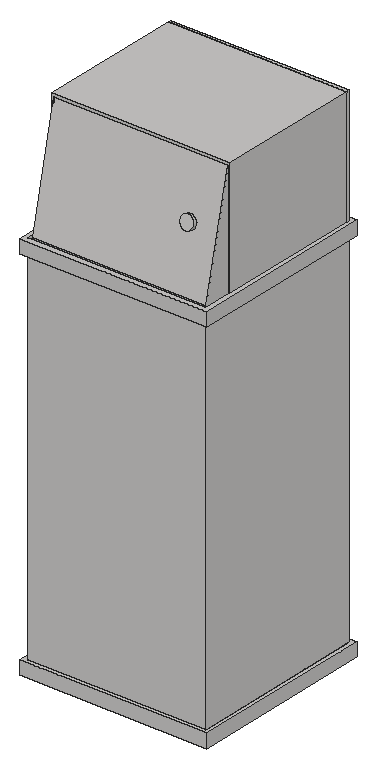
Revit family
Parameters
  offset [instance] = 0' - 0"
  Warranty Duration (Years) = 0
  Unit Width = 1' - 1"
  Unit Height = 3' - 1"
  Unit Depth = 1' - 1"
  URL = "http://www.americanspecialties.com/viewCategories.cfm"
  Trim Material = Metal - Stainless Steel
  Specification = "http://www.arcat.com/sdspecs/htm/10810asi.htm"
  SpecWizard = ""
  Send Message = "http://www.arcat.com/users.pl?action=UserEmail&company=American%20Specialties,%20Inc.&coid=30448&rep=139&fax=914-476-0688&mf="
  Sales Information = "http://www.americanspecialties.com/contact"
  Revision = "R1_10-2010"
  Product Properties = "http://www.americanspecialties.com/datasheets/0812-0813.pdf"
  Product Data = "http://www.arcat.com/arcatcos/cos30/arc30448.html"
  Model = "As Specified in 10 28 13"
  Manufacturer Website = "http://www.americanspecialties.com/viewCategories.cfm"
  Manufacturer Phone - Toll Free = ""
  Manufacturer Phone = "914-476-9000 "
  Manufacturer Fax = "914-476-0688"
  Manufacturer Address = "441 Saw Mill River Rd., Yonkers, NY 10701"
  Manufacturer = "American Specialties, Inc."
  Maintenance Schedule (Months) = 0
  Keynote = "10 28 13"
  Installation-Fabrication = "http://www.americanspecialties.com/products.cfm"
  Installation Phase = ""
  Green Building-LEED = "http://www.arcat.com/green/clients/leed_data_30448.html"
  Expected Lifespan (Years) = 0
  Drawn By = "Robert S. Weygant, CSI, CDT, SCIP"
  Description = "Toilet Accessory as Specified in 10 28 13"
  Default Elevation = 4' - 0"
  Copyright = "©Arcat Inc."
  Construction Details = "http://www.americanspecialties.com/products.cfm"
  Body Material = Metal - Stainless Steel
  Assembly Code = "C1030210"
Reference planes (in)
  plane 1 "Center (Front/Back)": y = 0
  plane 2 "Bottom": z = 0
  plane 3 "Center (Left/Right)": x = 0
Forms (in)
  Extrusion 1, solid, material "Metal - Stainless Steel" <- "Body Material"
    sketch origin (0, 0, 0) x (1, 0, 0) y (0, 1, 0)
      loop
        line (-6.5, 6.5) -> (-6.5, -6.5) -> (6.5, -6.5) -> (6.5, 6.5) -> (-6.5, 6.5)
      loop
        line (-6.3125, 6.3125) -> (-6.3125, -6.3125) -> (6.3125, -6.3125) -> (6.3125, 6.3125) -> (-6.3125, 6.3125)
    from 1 to 27.5
  Extrusion 2, solid, material "Metal - Stainless Steel" <- "Body Material"
    sketch origin (0, 0, 0) x (1, 0, 0) y (0, 1, 0)
      loop
        line (-6.5, 6.5) -> (-6.5, -6.5) -> (6.5, -6.5) -> (6.5, 6.5) -> (-6.5, 6.5)
      loop
        line (-6.80078, 6.80078) -> (-6.80078, -6.80078) -> (6.80078, -6.80078) -> (6.80078, 6.80078) -> (-6.80078, 6.80078)
    from 0 to 1
  Extrusion 3, solid, material "Metal - Stainless Steel" <- "Body Material"
    sketch origin (0, 0, 21) x (1, 0, 0) y (0, 1, 0)
      loop
        line (-6.5, 6.5) -> (-6.5, -6.5) -> (6.5, -6.5) -> (6.5, 6.5) -> (-6.5, 6.5)
      loop
        line (-6.80078, 6.80078) -> (-6.80078, -6.80078) -> (6.80078, -6.80078) -> (6.80078, 6.80078) -> (-6.80078, 6.80078)
    from 6.5 to 7.5
  Extrusion 4, solid, material "Metal - Stainless Steel" <- "Body Material"
    sketch origin (0, 0, 0) x (1, 0, 0) y (0, 1, 0)
      loop
        line (-6.5, 6.5) -> (-6.5, -6.5) -> (6.5, -6.5) -> (6.5, 6.5) -> (-6.5, 6.5)
    from 0 to 1
  Extrusion 5, solid, material "Metal - Stainless Steel" <- "Body Material"
    sketch origin (0, 0, -9.5) x (1, 0, 0) y (0, 0, 1)
      loop
        line (-6.5, 37) -> (-6.3125, 37) -> (-6.3125, 46.3125) -> (6.3125, 46.3125) -> (6.3125, 38) -> (6.5, 38) -> (6.5, 46.5) -> (-6.5, 46.5) -> (-6.5, 37)
    from -6.3125 to 4.3125
  Extrusion 6, solid, material "Metal - Stainless Steel" <- "Body Material"
    sketch origin (0, 0, 0) x (1, 0, 0) y (0, 0, 1)
      loop
        line (-6.5, 37) -> (-6.5, 27.5) -> (6.5, 27.5) -> (6.5, 37) -> (-6.5, 37)
    from -6.5 to -6.3125
  Extrusion 7, solid, material "Metal - Stainless Steel" <- "Body Material"
    sketch origin (0, -5.3125, 0) x (0, 1, 0) y (0, 0, 1)
      loop
        line (1, 27.5) -> (1, 36.8125) -> (-1, 28.5) -> (-1, 27.5) -> (1, 27.5)
    from -6.3125 to 6.3125
  Extrusion 8, solid, material "Metal - Stainless Steel" <- "Trim Material"
    sketch origin (0, -6.3125, 28.5) x (0, 0.233926, 0.972254) y (-1, 0, 0)
      loop
        circle (4.44083, -4.29534) r 0.5
    from 0 to 0.23116
Dimensions and locks (in)
  equal spacing: Extrusion 1, plane 1 "Center (Front/Back)", Extrusion 1
  "Unit Depth": Extrusion 1 to Extrusion 1
  equal spacing: Extrusion 3, plane 3 "Center (Left/Right)", Extrusion 3
  "Unit Width": Extrusion 3 to Extrusion 3
  locked: Extrusion 2 to Extrusion 2 at 1
  locked: Extrusion 3 to Extrusion 3 at 1
  "Unit Height": Extrusion 5 to Extrusion 2
  locked: Extrusion 5 to Extrusion 3 at 8.5
  locked: Extrusion 6 to Extrusion 7 at 0.1875  (x2)
  locked: Extrusion 6 to Extrusion 6 at 0.1875
  locked: Extrusion 5 to Extrusion 5 at 0.1875  (x2)
  locked: Extrusion 1 sketch curve to Extrusion 3 at 0.1875
  locked: Extrusion 1 to Extrusion 1 at 0.1875
  locked: Extrusion 7 to Extrusion 7 at 2
  locked: Extrusion 8 sketch curve to Extrusion 3 at 4.31761
  locked: Extrusion 8 sketch curve to plane 3 "Center (Left/Right)" at 4.29534
  aligned and locked: Extrusion 2 sketch curve to Extrusion 1  (x3)
  aligned and locked: Extrusion 1 to Extrusion 2 sketch curve
  aligned and locked: Extrusion 1 to Extrusion 3  (x2)
  aligned and locked: Extrusion 1 to Extrusion 2
  aligned and locked: Extrusion 4 sketch curve to Extrusion 1  (x3)
  aligned and locked: Extrusion 1 to Extrusion 4 sketch curve
  aligned and locked: Extrusion 4 to Extrusion 1  (x2)
  aligned and locked: Extrusion 2 to Extrusion 4
  aligned and locked: Extrusion 3 to Extrusion 1  (x2)
  aligned and locked: Extrusion 1 to Extrusion 4
  aligned and locked: Extrusion 2 to Extrusion 3  (x2)
  aligned and locked: Extrusion 3 to Extrusion 4  (x2)
  aligned and locked: Extrusion 5 to Extrusion 6 sketch curve
  aligned and locked: Extrusion 1 to Extrusion 6 sketch curve
  aligned and locked: Extrusion 6 sketch curve to Extrusion 1
  aligned and locked: Extrusion 5 to Extrusion 1  (x3)
  aligned and locked: Extrusion 7 to Extrusion 1  (x4)
  aligned and locked: Extrusion 3 to Extrusion 5
  aligned and locked: Extrusion 1 to Extrusion 5  (x2)
  aligned and locked: Extrusion 1 to Extrusion 6
  aligned and locked: Extrusion 6 to Extrusion 1
  aligned and locked: Extrusion 3 to Extrusion 7
  aligned and locked: Extrusion 7 to Extrusion 5
Automatic sketch dimensions
  Extrusion 1 sketch curve to plane 3 "Center (Left/Right)" = 0' - 6 1/2"
  Extrusion 1 sketch curve to Extrusion 1 sketch curve = 0' - 0 3/16"  (x4)
  plane 3 "Center (Left/Right)" to Extrusion 1 sketch curve = 0' - 6 5/16"
  Extrusion 1 sketch curve to plane 1 "Center (Front/Back)" = 0' - 6 5/16"
  Extrusion 2 sketch curve to Extrusion 2 sketch curve = 0' - 0 77/256"  (x4)
  Extrusion 3 sketch curve to plane 3 "Center (Left/Right)" = 0' - 6 205/256"
  Extrusion 3 sketch curve to Extrusion 3 sketch curve = 0' - 0 77/256"  (x4)
  plane 3 "Center (Left/Right)" to Extrusion 3 sketch curve = 0' - 6 1/2"
  plane 1 "Center (Front/Back)" to Extrusion 3 sketch curve = 0' - 6 205/256"
  Extrusion 3 sketch curve to plane 1 "Center (Front/Back)" = 0' - 6 1/2"
  Extrusion 5 sketch curve to plane 3 "Center (Left/Right)" = 0' - 6 1/2"
  Extrusion 5 sketch curve to Extrusion 5 sketch curve = 0' - 0 3/16"  (x3)
  plane 3 "Center (Left/Right)" to Extrusion 5 sketch curve = 0' - 6 5/16"
  level to Extrusion 5 sketch curve = 2' - 3 1/2"
  Extrusion 5 sketch curve to Extrusion 5 sketch curve = 0' - 1"
  Extrusion 5 sketch curve to Extrusion 5 sketch curve = 0' - 9 5/16"
  Extrusion 6 sketch curve to Extrusion 6 sketch curve = 0' - 9 1/2"
  plane 1 "Center (Front/Back)" to Extrusion 7 sketch curve = 0' - 6 5/16"
  plane 1 "Center (Front/Back)" to Extrusion 7 sketch curve = 0' - 4 5/16"
  level to Extrusion 7 sketch curve = 2' - 3 1/2"
  Extrusion 7 sketch curve to Extrusion 7 sketch curve = 0' - 1"
  Extrusion 7 sketch curve to Extrusion 7 sketch curve = 0' - 8 5/16"
  Extrusion 7 to Extrusion 8 sketch curve = 0' - 2.01716"
  Extrusion 7 to Extrusion 8 sketch curve = 0' - 4.10889"
  radius of Extrusion 8 sketch curve = 0' - 0 1/2"
